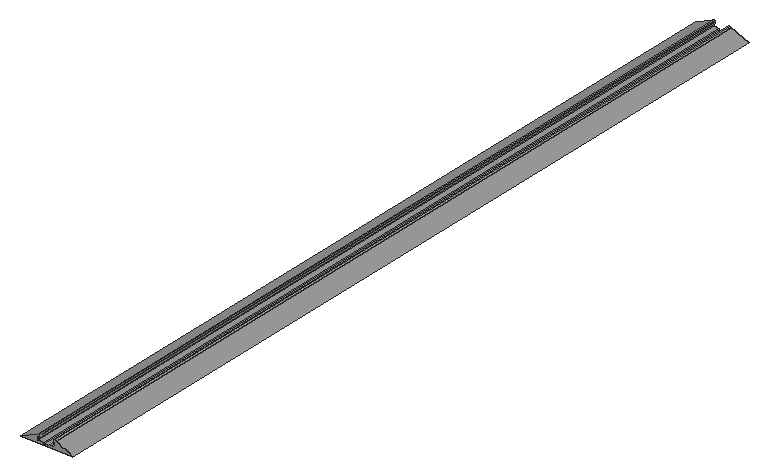
Revit family "GB Track", category Generic Models, host Floor, Revit 2012
Parameters
  URL = "http://www.wengercorp.com/Home/Contact.html"
  Track Material = Track Material
  Track Length [instance] = 96"
  Part Number = "240A043"
  Manufacturer = "Wenger Corporation"
  Keynote = "Wenger Gear Boss Carts"
  Description = "GB Track"
Reference planes (in)
  plane 1 "Center (Front/Back)": y = 0
  plane 2: z = 0
  plane 3 "Center (Left/Right)": x = 0
  plane 4: y = 48
  plane 5: y = -48
Forms (in)
  Extrusion 1, solid, material "Track Material" <- "Track Material"
    sketch origin (0, 0, 0) x (1, 0, 0) y (0, 0, 1)
      loop
        line (3.81, 0.94) -> (3.81, 0.6) -> (3.87, 0.6)
        arc (3.87, 0.6) -> (3.93, 0.66) -> (3.99, 0.6) r 0.06
        line (3.99, 0.6) -> (3.99, 0.29) -> (3.33, 0.29) -> (3.33, 0.11) -> (2.7, 0.11) -> (2.7, 0.29) -> (2.04, 0.29) -> (2.04, 0.6)
        arc (2.04, 0.6) -> (2.1, 0.66) -> (2.16, 0.6) r 0.06
        line (2.16, 0.6) -> (2.22, 0.6) -> (2.22, 0.94) -> (2.09, 0.94) -> (0.03, 0) -> (6, 0) -> (3.94, 0.94) -> (3.81, 0.94)
    from -48 to 48
Dimensions and locks (in)
  equal spacing: host sketch curve, plane 1 "Center (Front/Back)", host sketch curve
  equal spacing: host sketch curve, plane 3 "Center (Left/Right)", host sketch curve
  host sketch curve to host sketch curve = 120"  (x2)
  "Track Length": plane 4 to plane 5
  aligned and locked: level to plane 2
  aligned and locked: plane 4 to Extrusion 1
  aligned and locked: plane 5 to Extrusion 1
Automatic sketch dimensions
  Extrusion 1 sketch curve to level = 0"
  plane 3 "Center (Left/Right)" to Extrusion 1 sketch curve = 0.03"
  level to Extrusion 1 sketch curve = 0.6"
  plane 3 "Center (Left/Right)" to Extrusion 1 sketch curve = 2.04"
  Extrusion 1 sketch curve to Extrusion 1 sketch curve = 0.05"
  Extrusion 1 sketch curve to Extrusion 1 sketch curve = 0.06"  (x3)
  Extrusion 1 sketch curve to Extrusion 1 sketch curve = 0.13"  (x2)
  level to Extrusion 1 sketch curve = 0.11"
  Extrusion 1 sketch curve to Extrusion 1 sketch curve = 0.66"
  level to Extrusion 1 sketch curve = 0.29"  (x2)
  Extrusion 1 sketch curve to Extrusion 1 sketch curve = 0.63"
  Extrusion 1 sketch curve to Extrusion 1 sketch curve = 0.48"
  Extrusion 1 sketch curve to Extrusion 1 sketch curve = 2.01"
  Extrusion 1 sketch curve to Extrusion 1 sketch curve = 0.31"
  Extrusion 1 sketch curve to Extrusion 1 sketch curve = 0.34"  (x2)
